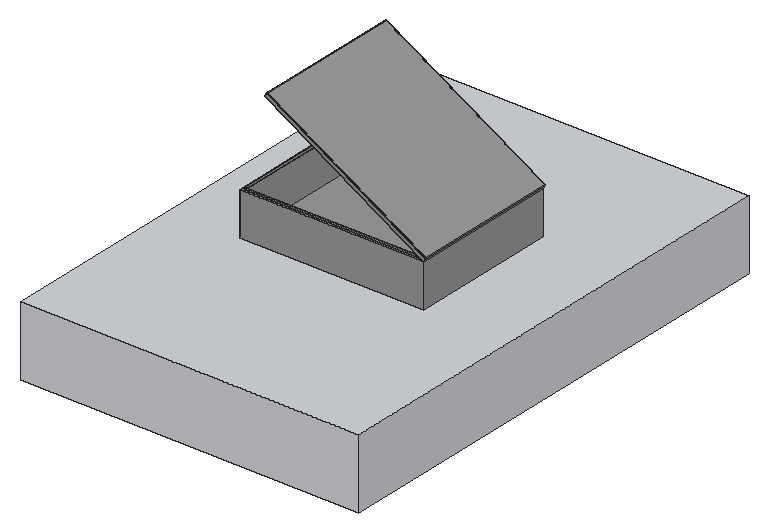
Revit family "Hager-Univers-IP44-D205-H650-Cl.I-encl-DE-de", category Equipement électrique, Revit 2020
Family settings
  Hôte = Face
  Configuration du panneau = Deux colonnes, circuits au sein
  Cote de connecteur circulaire = Utiliser le diamètre
  Type d'élément = Tableau de raccordement
  Couper avec des vides une fois chargée = Non
  Partagée = Non
  Point de calcul de pièce = Non
Parameters (values of type "Aufputz IP44 B800 H650 T205  - FP43TN2")
  Width Control [instance] = if([EF000008 - Breite] > Min Width, [EF000008 - Breite], Min Width)  # 800 mm
  Commentaires du type = [HG000003 - Bereich]  # "Univers"
  Thickness Door [instance] = if([EF009171 - Materialstärke Tür/Deckel] > 3 mm, 3 mm, [EF009171 - Materialstärke Tür/Deckel])  # 1 mm
  Seal Frame Offset [instance] = 17 mm  # constant formula
  Plinth Visibility [instance] = [HG000027 - Sockelhöhe] > 0 mm  # no
  Model = ""
  Min Width [instance] = 100 mm  # constant formula
  Min Height [instance] = 100 mm  # constant formula
  Min Depth [instance] = (2 * [EF009170 - Materialstärke Gehäuse]) + 1 mm  # 3 mm
  Internal Frame Depth [instance] = (Door System Depth * 0.5)  # 9 mm
  Height Control [instance] = if([EF000040 - Höhe] > Min Height, [EF000040 - Höhe], Min Height)  # 650 mm
  HG000027 - Sockelhöhe = 0 mm
  HG000026 - Stehend auf dem Boden = no
  HG000024 - Höhe des unteren Teils = 800 mm
  HG000023 - Gehäuse mit doppeltem Querschnitt = no
  HG000016 - 3D-Türsichtbarkeit [instance] = yes
  HG000015 - Sichtbarkeit der Türöffnung [instance] = no
  HG000014 - Tür rechts [instance] = yes
  HG000013 - Tür links [instance] = not([HG000014 - Tür rechts])  # no
  HG000012 - Türschwenkwinkel [instance] = 30.00°
  HG000010 - Asymmetrische Türen = no
  HG000009 - Doppelflügeligen Tür = no
  HG000006 - Unterputz = no
  HG000004 - Herstellerreferenz = "FP43TN2"
  HG000003 - Bereich = "Univers"
  HG000002 - Mit tür = yes
  Frame Offset Bottom [instance] = 10 mm  # constant formula
  Frame Offset [instance] = 15 mm  # constant formula
  EF015940 - Deckel mit Überdruckentlastung = no
  EF011959 - Schutzart (NEMA) = ""
  EF009554 - Anzahl der Öffnungen für Flanschplatten = 6
  Fabricant = "Hager"  # constant formula
  EF009212 - Ausführung Deckel = "EV000116 - geschlossen"
  EF009171 - Materialstärke Tür/Deckel = 1 mm
  EF009170 - Materialstärke Gehäuse = 1 mm
  EF008873 - Nennstrom (In) = 250 A
  EF007800 - Geeignet für Blitzschutz = no
  EF006306 - Mit Schloss = no
  EF006244 - Transparenter Deckel/Tür = no
  EF005474 - Schutzart (IP) = "EV006418 - IP44"
  EF004464 - Art der Tür = "EV002646 - Einzel"
  EF004427 - Anzahl der Module = 144
  EF004293 - Schlagfestigkeit = "EV006815 - IK09"
  EF003532 - Geeignet für Außengebrauch = no
  EF002950 - Breite in Teilungseinheiten = 36
  EF001613 - Funktionserhalt = "EV000494 - ohne"
  EF001596 - Werkstoff des Gehäuses = "EV000179 - Stahl"
  EF001131 - Innentiefe = 205 mm
  EF001088 - Anbaumöglichkeit = yes
  EF000437 - Anzahl der Leitungseinführungen = 6
  EF000339 - Art der Abdeckung = "EV001012 - Deckel"
  EF000266 - Anzahl der Reihen = 4
  EF000218 - Einbautiefe = 205 mm
  EF000118 - Mit Montageplatte = no
  EF000116 - RAL-Nummer = "9010"
  EF000049 - Tiefe = 205 mm
  EF000040 - Höhe = 650 mm
  EF000008 - Breite = 800 mm
  EF000007 - Farbe = "EV000202 - weiß"
  EF000003 - Montageart = "EV000384 - Aufputz"
  Door System Leaf Tolerance [instance] = 1.5 mm  # constant formula
  Door System Depth [instance] = 18 mm  # constant formula
  Door Height [instance] = Height Control - [HG000027 - Sockelhöhe]  # 650 mm
  Depth Control [instance] = if([EF000049 - Tiefe] > Min Depth, [EF000049 - Tiefe], Min Depth)  # 205 mm
  Default Elevation = 0 mm
  Connector Offset [instance] = Height Control / 2  # 325 mm
  Bottom Top Plate Trim [instance] = 1.5 mm  # constant formula
  Plinth height Ctrl [instance] = if([HG000027 - Sockelhöhe] > 0 mm, [HG000027 - Sockelhöhe], 12 mm)  # 12 mm
Types (9, lengths in mm): name | Width Control | HG000010 - Asymmetrische Türen | HG000009 - Doppelflügeligen Tür | HG000004 - Herstellerreferenz | EF009554 - Anzahl der Öffnungen für Flanschplatten | EF004464 - Art der Tür | EF004427 - Anzahl der Module | EF002950 - Breite in Teilungseinheiten | EF000437 - Anzahl der Leitungseinführungen | EF000008 - Breite
  Aufputz IP44 B1050 H650 T205  - FP44TN2 | 1050 | no | yes | "FP44TN2" | 8 | "EV003602 - Doppel" | 192 | 48 | 8 | 1050
  Aufputz IP44 B1300 H650 T205  - FP45TN | 1300 | no | yes | "FP45TN" | 10 | "EV003602 - Doppel" | 240 | 60 | 10 | 1300
  Aufputz IP44 B1300 H650 T205  - FP45TN2 | 1300 | yes | yes | "FP45TN2" | 10 | "EV003602 - Doppel" | 240 | 60 | 10 | 1300
  Aufputz IP44 B300 H650 T205  - FP41TN | 300 | no | no | "FP41TN" | 2 | "EV002646 - Einzel" | 48 | 12 | 2 | 300
  Aufputz IP44 B300 H650 T205  - FP41TN2 | 300 | no | no | "FP41TN2" | 2 | "EV002646 - Einzel" | 48 | 12 | 2 | 300
  Aufputz IP44 B550 H650 T205  - FP42TN | 550 | no | no | "FP42TN" | 4 | "EV002646 - Einzel" | 96 | 24 | 4 | 550
  Aufputz IP44 B550 H650 T205  - FP42TN2 | 550 | no | no | "FP42TN2" | 4 | "EV002646 - Einzel" | 96 | 24 | 4 | 550
  Aufputz IP44 B800 H650 T205  - FP43TN | 800 | no | no | "FP43TN" | 6 | "EV002646 - Einzel" | 144 | 36 | 6 | 800
  Aufputz IP44 B800 H650 T205  - FP43TN2 | 800 | no | no | "FP43TN2" | 6 | "EV002646 - Einzel" | 144 | 36 | 6 | 800
Reference planes
  plane 1 "Center (Front/Back)": y = 0
  plane 2: z = 0
  plane 3 "Center (Left/Right)": x = 0
  plane 4: z = 205
  plane 5: y = 1
  plane 6: y = 325
  plane 7: y = 0
  plane 8: y = 650
  plane 9: z = 0
  plane 10: x = -385
  plane 11: x = 385
  plane 12: x = 384
  plane 13: x = -384
  plane 14: y = 649
  plane 15: x = -383
  plane 16: x = -400
  plane 17: x = 383
  plane 18: x = 400
  plane 19: x = 399
  plane 20: x = -399
  plane 21: y = 11
  plane 22: y = 650
  plane 23: y = 634
  plane 24: z = 187
  plane 25: z = 1
  plane 26: z = 186
  plane 27: z = 204
Forms (mm)
  Extrusion 1, solid
    sketch origin (0, 0, 0) x (1, 0, 0) y (0, 1, 0)
      loop
        line (-702.964, 1305) -> (-702.964, -811.445) -> (766.763, -811.445) -> (766.763, 1305) -> (-702.964, 1305)
    from 0 to -304.8
  Extrusion 2, solid, material "Hager_Steel_RAL7035_Light_Grey", visible <- "Plinth Visibility", detail levels medium+fine
    sketch origin (0, 0, 0) x (1, 0, 0) y (0, 1, 0)
      loop
        line (-400, 0) -> (400, 0) -> (400, 12) -> (-400, 12) -> (-400, 0)
    from 0 to 187
  Extrusion 3, solid, material "Hager_Steel_RAL7035_Light_Grey", detail levels medium+fine
    sketch origin (0, 0, 0) x (1, 0, 0) y (0, 1, 0)
      loop
        line (-400, 0) -> (400, 0) -> (400, 650) -> (-400, 650) -> (-400, 0)
    from 0 to 187
  Extrusion 4, void
    sketch origin (0, 0, 0) x (1, 0, 0) y (0, 1, 0)
      loop
        line (-399, 1) -> (399, 1) -> (399, 649) -> (-399, 649) -> (-399, 1)
    from 1 to 186
  Extrusion 5, void
    sketch origin (-381.607, -4572, 187) x (0, -1, 0) y (-1, 0, 0)
      loop
        line (-4583, 2.393) -> (-5206, 2.393) -> (-5206, -765.607) -> (-4583, -765.607) -> (-4583, 2.393)
    from 0 to 1 <- "EF009170 - Materialstärke Gehäuse"
  Extrusion 6, solid, material "Hager_Steel_RAL7035_Light_Grey", detail levels fine
    sketch origin (0, 0, 187) x (1, 0, 0) y (0, 1, 0)
      loop
        line (-384, 634) -> (-384, 11) -> (384, 11) -> (384, 634) -> (-384, 634)
      loop
        line (-385, 10) -> (385, 10) -> (385, 635) -> (-385, 635) -> (-385, 10)
    from 0 to 9 <- "Internal Frame Depth"
  Extrusion 7, solid, material "Hager_Steel_RAL7035_Light_Grey", detail levels coarse
    sketch origin (0, 0, 0) x (1, 0, 0) y (0, 1, 0)
      loop
        line (-400, 0) -> (400, 0) -> (400, 650) -> (-400, 650) -> (-400, 0)
    from 0 to 205
  Sweep 8, void
    path in 3D
      loop
        line (-400, 12, 0) -> (400, 12, 0) -> (400, 12, 187) -> (-400, 12, 187) -> (-400, 12, 0)
    profile origin (-400, 12, 93.5) x (-1, 0, 0) y (0, -1, 0)
      loop
        line (0, 0) -> (0, 1.5) -> (-1.5, 1.5)
        arc (-1.5, 1.5) -> (-1.061, 0.439) -> (0, 0) r 1.5
Cuts and joins
  Extrusion 4, Extrusion 5 cuts Extrusion 3
  Sweep 8 cuts Extrusion 2
Lines and regions (mm)
  Masking region 1
    outline origin (0, 0, 0) x (1, 0, 0) y (0, 0, 1)
      loop
        line (-400, 205) -> (-400, 0) -> (400, 0) -> (400, 205) -> (-400, 205)
  Masking region 2, detail levels medium+fine
    outline origin (0, 140, 0) x (0, 1, 0) y (0, 0, 1)
      loop
        line (-140, 0) -> (510, 0) -> (510, 187) -> (-140, 187) -> (-140, 0)
  Masking region 3, not visible, detail levels medium+fine
    outline origin (0, 297.922, 0) x (0, 1, 0) y (0, 0, 1)
      loop
        line (38.578, 0) -> (78.578, 0) -> (78.578, 194)
        arc (78.578, 194) -> (75.649, 201.071) -> (68.578, 204) r 10
        line (68.578, 204) -> (38.578, 204) -> (38.578, 0)
  Masking region 4, detail levels coarse
    outline origin (0, 0, 180) x (0, 1, 0) y (0, 0, 1)
      loop
        line (0, -180) -> (650, -180) -> (650, 25) -> (0, 25) -> (0, -180)
  Masking region 5, visible <- "Plinth Visibility", detail levels medium+fine
    outline origin (0, 52.24, 12.345) x (0, 0, -1) y (0, 1, 0)
      loop
        line (10.845, -40.24) -> (-173.155, -40.24)
        arc (-173.155, -40.24) -> (-173.594, -41.301) -> (-174.655, -41.74) r 1.5
        line (-174.655, -41.74) -> (-174.655, -52.24) -> (12.345, -52.24) -> (12.345, -41.74)
        arc (12.345, -41.74) -> (11.285, -41.301) -> (10.845, -40.24) r 1.5
  Masking region 6, detail levels medium+fine
    outline origin (-381.607, -4572, 187) x (-1, 0, 0) y (0, -1, 0)
      loop
        line (18.393, -5222) -> (18.393, -4572) -> (-781.607, -4572) -> (-781.607, -5222) -> (18.393, -5222)
  Masking region 7, visible <- "Plinth Visibility", detail levels medium+fine
    outline origin (-381.607, -4727, 187) x (-1, 0, 0) y (0, -1, 0)
      loop
        arc (16.893, -4739) -> (17.332, -4737.939) -> (18.393, -4737.5) r 1.5
        line (18.393, -4737.5) -> (18.393, -4727) -> (-781.607, -4727) -> (-781.607, -4737.5)
        arc (-781.607, -4737.5) -> (-780.546, -4737.939) -> (-780.107, -4739) r 1.5
        line (-780.107, -4739) -> (16.893, -4739)
  Masking region 8, detail levels coarse
    outline origin (-442.548, -4669.526, 187) x (-1, 0, 0) y (0, -1, 0)
      loop
        line (-42.548, -5319.526) -> (-42.548, -4669.526) -> (-842.548, -4669.526) -> (-842.548, -5319.526) -> (-42.548, -5319.526)
  sketch lines
    curve 1: line (-400, 12, 187) -> (-400, 12, 0)
    curve 2: line (400, 12, 187) -> (-400, 12, 187)
    curve 3: line (400, 12, 187) -> (400, 12, 0)
    curve 4: line (-400, 12, 0) -> (400, 12, 0)
Dimensions and locks
  "Depth Control": plane 4 to Extrusion 1
  "HG000027 - Sockelhöhe": plane 1 "Center (Front/Back)" to plane 7
  "EF009170 - Materialstärke Gehäuse": plane 5 to plane 7
  locked: connector elem to plane 3 "Center (Left/Right)"
  equal spacing: plane 8, plane 6, plane 7
  locked: connector elem to plane 6
  "EF009170 - Materialstärke Gehäuse": plane 8 to plane 14
  "EF009170 - Materialstärke Gehäuse": plane 10 to plane 13
  "EF009170 - Materialstärke Gehäuse": plane 12 to plane 11
  "Frame Offset": plane 20 to plane 13
  "Frame Offset": plane 12 to plane 19
  "EF009170 - Materialstärke Gehäuse": plane 16 to plane 20
  "EF009170 - Materialstärke Gehäuse": plane 19 to plane 18
  "Seal Frame Offset": plane 16 to plane 15
  "Seal Frame Offset": plane 17 to plane 18
  "Frame Offset Bottom": plane 21 to plane 5
  "Frame Offset": plane 14 to plane 23
  equal spacing: plane 16, plane 3 "Center (Left/Right)", plane 18
  "Width Control": plane 16 to plane 18
  "EF009170 - Materialstärke Gehäuse": plane 4 to plane 27
  "EF009170 - Materialstärke Gehäuse": plane 24 to plane 26
  "EF009170 - Materialstärke Gehäuse": plane 25 to level
  "Door System Depth": plane 4 to plane 24
  "Height Control": plane 1 "Center (Front/Back)" to Extrusion 7 sketch curve
  "Height Control": Masking region 4 sketch curve to plane 1 "Center (Front/Back)"
  "Height Control": plane 1 "Center (Front/Back)" to plane 22
  "Bottom Top Plate Trim": profile plane to Sweep 8 sketch curve
  "Bottom Top Plate Trim": Sweep 8 sketch curve to profile plane
  "Plinth height Ctrl": plane 1 "Center (Front/Back)" to Extrusion 2 sketch curve
  "Plinth height Ctrl": Masking region 5 sketch curve to plane 1 "Center (Front/Back)"
  "Plinth height Ctrl": plane 1 "Center (Front/Back)" to Masking region 7 sketch curve
  "Thickness Door": Extrusion 6 sketch curve to Extrusion 6 sketch curve  (x3)
  "Thickness Door": cut or joined group of Extrusion 3, Extrusion 4, Extrusion 5 to Extrusion 6 sketch curve
  radius of Masking region 3 sketch curve = 10 mm
  "Bottom Top Plate Trim": radius of Masking region 5 sketch curve  (x2)
  "Bottom Top Plate Trim": radius of Sweep 8 sketch curve
  "Bottom Top Plate Trim": radius of Masking region 7 sketch curve  (x2)
  aligned and locked: plane 2 to Extrusion 1
  aligned and locked: level to Extrusion 1
  aligned and locked: level to Masking region 1 sketch curve
  aligned and locked: Masking region 1 sketch curve to plane 18
  aligned and locked: Masking region 1 sketch curve to plane 16
  aligned and locked: plane 7 to Masking region 2 sketch curve
  aligned and locked: level to Masking region 3 sketch curve
  aligned and locked: Masking region 3 sketch curve to plane 27
  aligned and locked: level to Masking region 2 sketch curve
  aligned and locked: plane 1 "Center (Front/Back)" to Extrusion 2 sketch curve
  aligned and locked: Extrusion 3 sketch curve to plane 7
  aligned and locked: plane 16 to Extrusion 3 sketch curve
  aligned and locked: plane 18 to Extrusion 3 sketch curve
  aligned and locked: plane 20 to Extrusion 4 sketch curve
  aligned and locked: plane 19 to Extrusion 4 sketch curve
  aligned and locked: Extrusion 4 sketch curve to plane 5
  aligned and locked: Extrusion 4 to plane 25
  aligned and locked: plane 26 to Extrusion 4
  aligned and locked: plane 24 to Extrusion 3
  aligned and locked: Extrusion 5 sketch curve to plane 21
  aligned and locked: Extrusion 5 sketch curve to plane 13
  aligned and locked: Extrusion 5 sketch curve to plane 12
  aligned and locked: plane 18 to Extrusion 7 sketch curve
  aligned and locked: plane 1 "Center (Front/Back)" to Extrusion 7 sketch curve
  aligned and locked: plane 16 to Extrusion 7 sketch curve
  aligned and locked: plane 4 to Extrusion 7
  aligned and locked: Extrusion 7 to level
  aligned and locked: level to Masking region 4 sketch curve
  aligned and locked: Masking region 4 sketch curve to plane 1 "Center (Front/Back)"
  aligned and locked: Masking region 4 sketch curve to plane 4
  aligned and locked: nested 1 to level
  aligned and locked: nested 1 to plane 16
  aligned and locked: plane 8 to Extrusion 3 sketch curve
  aligned and locked: plane 23 to Extrusion 5 sketch curve
  aligned and locked: plane 14 to Extrusion 4 sketch curve
  aligned and locked: Masking region 2 sketch curve to plane 8
  aligned and locked: level to Masking region 5 sketch curve
  aligned and locked: plane 16 to Extrusion 2 sketch curve
  aligned and locked: plane 18 to Extrusion 2 sketch curve
  aligned and locked: Masking region 5 sketch curve to plane 24
  aligned and locked: Masking region 2 sketch curve to plane 24
  aligned and locked: plane 24 to Extrusion 2
  aligned and locked: profile plane to Sweep 8 sketch curve  (x2)
  aligned and locked: Masking region 6 sketch curve to plane 18
  aligned and locked: Masking region 6 sketch curve to plane 22
  aligned and locked: Masking region 6 sketch curve to plane 16
  aligned and locked: plane 8 to plane 22
  aligned and locked: Masking region 6 sketch curve to plane 7
  aligned and locked: Masking region 7 sketch curve to plane 16
  aligned and locked: Masking region 7 sketch curve to plane 1 "Center (Front/Back)"
  aligned and locked: Masking region 7 sketch curve to plane 18
  aligned and locked: Masking region 8 sketch curve to plane 1 "Center (Front/Back)"
  aligned and locked: Masking region 8 sketch curve to plane 18
  aligned and locked: Masking region 8 sketch curve to plane 22
  aligned and locked: Masking region 8 sketch curve to plane 16
  aligned and locked: nested 2 to plane 7
  aligned and locked: plane 3 "Center (Left/Right)" to nested 2
  aligned and locked: nested 2 to plane 24
  aligned and locked: Extrusion 6 sketch curve to cut or joined group of Extrusion 3, Extrusion 4, Extrusion 5  (x4)
Automatic sketch dimensions
  Extrusion 1 sketch curve to Extrusion 1 sketch curve = 1469.727 mm
  Extrusion 1 sketch curve to Extrusion 1 sketch curve = 2116.445 mm
  Masking region 1 sketch curve to plane 4 = 0 mm
  plane 6 to Masking region 3 sketch curve = 11.5 mm
  Masking region 3 sketch curve to Masking region 3 sketch curve = 30 mm
  Masking region 5 sketch curve to plane 1 "Center (Front/Back)" = 0 mm
Nested families
  nested 1: "Hager_Enclosure_Symbol" at (-400, 0, 0) x (1, 0, 0) z (0, -1, 0), Height <- "Depth Control", Width <- "Width Control", type "Hager_Enclosure_Symbol"
    with Width_Ctrl 800 mm, Width 800 mm, Height_Ctrl 205 mm, Height 205 mm, A_Width_Int 13.453 mm, A_Width 161.438 mm, A_Height_Ctrl 179.375 mm, A_Height 179.375 mm
  nested 2: "EC000058_Univers_Door" at (0, 0, 187) x (1, 0, 0) z (0, 1, 0), Leaf_Tolerance <- "Door System Leaf Tolerance", Angle <- "HG000012 - Türschwenkwinkel", Door_Depth <- "Door System Depth", Door_Left <- "HG000013 - Tür links", Transparent <- "EF006244 - Transparenter Deckel/Tür", Assymetrical <- "HG000010 - Asymmetrische Türen", Width <- "Width Control", Clearance <- "HG000015 - Sichtbarkeit der Türöffnung", Double <- "HG000009 - Doppelflügeligen Tür", 3d_Door <- "HG000016 - 3D-Türsichtbarkeit", Lock_Visibility <- "EF006306 - Mit Schloss", Width_Ctrl <- "Width Control", Door_Right <- "HG000014 - Tür rechts", Door <- "HG000002 - Mit tür", Height <- "Door Height", Thickness <- "Thickness Door", type "EC000058_Univers_Door", detail levels medium+fine
    with min_wh 3 mm, Width_Ctrl 800 mm, Width 800 mm, Transparent no, Thickness 1 mm, Seal_Material Hager_Rubber, Lock_Visibility no, Lock_Material Hager_Plastic_RAL9005_Jet_Black, Leaf_Width 800 mm, Leaf_Tolerance_External_Sides 0 mm, Leaf_Tolerance 1.5 mm, Leaf_Offset 0 mm, Leaf_Height 647 mm, Leaf_2_Width 800 mm, Leaf_2_Offset 400 mm, Leaf_1_Width 800 mm, Leaf_1_Offset 400 mm, Height_Ctrl 650 mm, Height 650 mm, Glass_Material Hager_Glass, Double_Clearance_Ctrl no, Double no, Door_Right_Ctrl yes, Door_Right yes, Door_Material Hager_Steel_RAL7035_Light_Grey, Door_Left_Ctrl no, Door_Left no, Door_Depth 18 mm, Door yes, Clearance_Material Hager_Clearance, Clearance_Depth 800 mm, Clearance_Ctrl no, Clearance no, Assymetrical no, Angle 30.00°, 3d_Door yes
Connectors
  electrical at (0, 325, 0)
    settings: on plane 9, index 1, voltage 0 V, apparent load 0 VA, apparent load phase1 0 VA, apparent load phase2 0 VA, apparent load phase3 0 VA, power factor 1, load classification "Other", number of poles 1, system type 30, power factor state 1, is connector primary yes, connector utility no, sub classification motor no, connector description ""
Definition of nested family "EC000058_Univers_Door"
  Parameters (values of type "EC000058_Univers_Door")
    min_wh [instance] = (2 * Thickness) + 1 mm  # 11 mm
    Width_Ctrl [instance] = 400 mm
    Width [instance] = 500 mm
    Transparent [instance] = yes
    Thickness [instance] = 5 mm
    Seal_Material [instance] = none
    Lock_Visibility [instance] = yes
    Lock_Material [instance] = none
    Leaf_Width [instance] = if((Width_Ctrl - 2 * Leaf_Tolerance_External_Sides) > 0 mm, (Width_Ctrl - 2 * Leaf_Tolerance_External_Sides), min_wh)  # 400 mm
    Leaf_Tolerance_External_Sides [instance] = 0 mm  # constant formula
    Leaf_Tolerance [instance] = 1.5 mm
    Leaf_Offset [instance] = 0 mm  # constant formula
    Leaf_Height [instance] = if((Height_Ctrl - 2 * Leaf_Tolerance) > 0 mm, (Height_Ctrl - 2 * Leaf_Tolerance), min_wh)  # 497 mm
    Leaf_2_Width [instance] = if(and(and(Double, Assymetrical), Door_Left), (Leaf_Width / 3) - (Leaf_Tolerance / 2), if(and(and(Double, Assymetrical), Door_Right), (Leaf_Width / 3) * 2 - (Leaf_Tolerance / 2), if(and(Double, not(Assymetrical)), (Leaf_Width / 2) - Leaf_Tolerance, Leaf_Width)))  # 400 mm
    Leaf_2_Offset [instance] = if(and(Double, Assymetrical), Leaf_2_Width / 2, if(and(Double, not(Assymetrical)), Leaf_Width / 4, Leaf_Width / 2))  # 200 mm
    Leaf_1_Width [instance] = if(and(and(Double, Assymetrical), Door_Right), (Leaf_Width / 3) - (Leaf_Tolerance / 2), if(and(and(Double, Assymetrical), Door_Left), (Width / 3) * 2 - (Leaf_Tolerance / 2), if(and(Double, not(Assymetrical)), (Leaf_Width / 2) - Leaf_Tolerance, Leaf_Width)))  # 400 mm
    Leaf_1_Offset [instance] = if(and(Double, Assymetrical), Leaf_1_Width / 2, if(and(Double, not(Assymetrical)), Leaf_Width / 4, Leaf_Width / 2))  # 200 mm
    Height_Ctrl [instance] = if(Height > min_wh, Height, min_wh)  # 500 mm
    Height [instance] = 500 mm
    Glass_Material [instance] = none
    Double_Clearance_Ctrl [instance] = and(Double, Clearance)  # no
    Double [instance] = no
    Door_Right_Ctrl [instance] = and(or(Door_Right, Double), Door)  # yes
    Door_Right [instance] = yes
    Door_Material [instance] = none
    Door_Left_Ctrl [instance] = and(or(Door_Left, Double), Door)  # no
    Door_Left [instance] = no
    Door_Depth [instance] = 30 mm
    Door [instance] = yes
    Default Elevation = 1219.2 mm
    Clearance_Material [instance] = none
    Clearance_Depth [instance] = if(Leaf_1_Width > Leaf_2_Width, Leaf_1_Width, Leaf_2_Width)  # 400 mm
    Clearance_Ctrl [instance] = and(not(Double), Clearance)  # yes
    Clearance [instance] = yes
    Assymetrical [instance] = yes
    Angle [instance] = 30.00°
    3d_Door [instance] = yes
  Reference planes
    plane 1 "Center (Front/Back)": y = 0
    plane 2 "Bottom": z = 0
    plane 3 "Center (Left/Right)": x = 0
    plane 4: z = 500
    plane 5: x = -200
    plane 6: x = 200
    plane 7: z = 500
    plane 8: x = -200
    plane 9: z = 0
    plane 10: x = 200
    plane 11: y = 0
    plane 12: z = 1.5
    plane 13: x = -600
    plane 14: y = -400
    plane 15: x = 600
    plane 16: x = 0
    plane 17: x = 0
    plane 18: x = -200
    plane 19: x = 200
    plane 20: z = 498.5
  Forms (mm)
    Extrusion 1, solid, material <- "Clearance_Material", visible <- "Double_Clearance_Ctrl"
      sketch origin (1200, 0, 0) x (1, 0, 0) y (0, 0, -1)
        loop
          line (-1800, -498.5) -> (-600, -498.5) -> (-600, 0) -> (-1800, 0) -> (-1800, -498.5)
      from 0 to -400
  Dimensions and locks
    equal spacing: plane 5, plane 3 "Center (Left/Right)", plane 6
    "Width_Ctrl": plane 5 to plane 6
    "Leaf_Offset": plane 5 to plane 8
    "Leaf_Offset": plane 6 to plane 10
    "Leaf_Offset": plane 9 to level
    "Leaf_Offset": plane 4 to plane 7
    "Height_Ctrl": plane 4 to level
    "Leaf_Tolerance": plane 12 to plane 9
    locked: plane 11 to plane 1 "Center (Front/Back)"
    "Leaf_1_Offset": plane 18 to plane 16
    "Leaf_2_Offset": plane 17 to plane 19
    "Leaf_1_Width": plane 13 to plane 8
    "Leaf_2_Width": plane 10 to plane 15
    "Clearance_Depth": plane 14 to plane 1 "Center (Front/Back)"
    "Leaf_Tolerance_External_Sides": plane 8 to plane 18
    "Leaf_Tolerance_External_Sides": plane 19 to plane 10
    "Leaf_Tolerance": plane 7 to plane 20
    aligned and locked: level to plane 2 "Bottom"
    aligned and locked: nested 1 to plane 16
    aligned and locked: nested 2 to plane 17
    aligned and locked: Extrusion 1 to plane 13
    aligned and locked: plane 15 to Extrusion 1
    aligned and locked: Extrusion 1 to plane 14
    aligned and locked: plane 12 to nested 1
    aligned and locked: nested 2 to plane 12
    aligned and locked: Extrusion 1 to plane 11
    aligned and locked: plane 20 to Extrusion 1
    aligned and locked: nested 2 to plane 11
    aligned and locked: nested 1 to plane 11
  Automatic sketch dimensions
    Extrusion 1 sketch curve to level = 0 mm
    plane 5 to Extrusion 1 sketch curve = 400 mm
    plane 6 to Extrusion 1 sketch curve = 400 mm
    Extrusion 1 sketch curve to plane 4 = 1.5 mm
  Nested families
    nested 1: "EC000058_Univers_Door_Leaf" at (0, 0, 1.5), Width <- "Leaf_1_Width", visible <- "Door_Left_Ctrl", Leaf_Height <- "Leaf_Height", Angle <- "Angle", 3d_Door <- "3d_Door", Transparent <- "Transparent", Clearance Material <- "Clearance_Material", Clearance <- "Clearance_Ctrl", Door_Material <- "Door_Material", Glass_Material <- "Glass_Material", Door_Depth <- "Door_Depth", Lock_Material <- "Lock_Material", Seal_Material <- "Seal_Material", Lock_Visibility <- "Lock_Visibility", Thickness <- "Thickness", type "EC000058_Univers_Door_Leaf"
      with Width 400 mm, Transparent_Glass_Offset 30 mm, Transparent_Ctrl yes, Transparent yes, Thickness 5 mm, Standard no, Seal_Material none, Seal_D2 8 mm, Seal_D1 1 mm, Offset_Internal_Frame 10 mm, Lock_Width 20 mm, Lock_Visibility_3d yes, Lock_Visibility yes, Lock_Thickness_3 3 mm, Lock_Thickness_2 1 mm, Lock_Thickness_1 3 mm, Lock_Radius_Offset_2 16 mm, Lock_Radius_Offset_1 15 mm, Lock_Radius_2 5 mm, Lock_Radius 6 mm, Lock_Offset 5 mm, Lock_Material none, Lock_Height 80 mm, Lock_Cover_Top_Offset_2d 17 mm, Lock_Cover_Height -65 mm, Leaf_Height 497 mm, Internal_Seal_Thickness 8 mm, Internal_Seal_Depth_2 4.5 mm, Internal_Frame_Depth 25 mm, Glass_Thickness -1 mm, Glass_Offset -2 mm, Glass_Material none, Door_Material none, Door_Depth 30 mm, Clearance Material none, Clearance yes, Angle_Ctrl 30.00°, Angle 30.00°, 3d_Door yes
    nested 2: "EC000058_Univers_Door_Leaf" at (0, 0, 1.5) x (-1, 0, 0) z (0, 0, 1), Width <- "Leaf_2_Width", visible <- "Door_Right_Ctrl", Leaf_Height <- "Leaf_Height", Angle <- "Angle", 3d_Door <- "3d_Door", Transparent <- "Transparent", Clearance Material <- "Clearance_Material", Clearance <- "Clearance_Ctrl", Door_Material <- "Door_Material", Glass_Material <- "Glass_Material", Door_Depth <- "Door_Depth", Lock_Material <- "Lock_Material", Seal_Material <- "Seal_Material", Lock_Visibility <- "Lock_Visibility", Thickness <- "Thickness", type "EC000058_Univers_Door_Leaf"
      with Width 400 mm, Transparent_Glass_Offset 30 mm, Transparent_Ctrl yes, Transparent yes, Thickness 5 mm, Standard no, Seal_Material none, Seal_D2 8 mm, Seal_D1 1 mm, Offset_Internal_Frame 10 mm, Lock_Width 20 mm, Lock_Visibility_3d yes, Lock_Visibility yes, Lock_Thickness_3 3 mm, Lock_Thickness_2 1 mm, Lock_Thickness_1 3 mm, Lock_Radius_Offset_2 16 mm, Lock_Radius_Offset_1 15 mm, Lock_Radius_2 5 mm, Lock_Radius 6 mm, Lock_Offset 5 mm, Lock_Material none, Lock_Height 80 mm, Lock_Cover_Top_Offset_2d 17 mm, Lock_Cover_Height -65 mm, Leaf_Height 497 mm, Internal_Seal_Thickness 8 mm, Internal_Seal_Depth_2 4.5 mm, Internal_Frame_Depth 25 mm, Glass_Thickness -1 mm, Glass_Offset -2 mm, Glass_Material none, Door_Material none, Door_Depth 30 mm, Clearance Material none, Clearance yes, Angle_Ctrl 30.00°, Angle 30.00°, 3d_Door yes
  Definition of nested family "EC000058_Univers_Door_Leaf"
    Parameters (values of type "EC000058_Univers_Door_Leaf")
      Width [instance] = 2000 mm
      Transparent_Glass_Offset [instance] = 30 mm
      Transparent_Ctrl [instance] = and(Transparent, [3d_Door])  # yes
      Transparent [instance] = yes
      Thickness [instance] = 5 mm
      Standard [instance] = and(not(Transparent), [3d_Door])  # no
      Seal_Material [instance] = none
      Seal_D2 [instance] = 8 mm  # constant formula
      Seal_D1 [instance] = 1 mm  # constant formula
      Offset_Internal_Frame [instance] = 10 mm  # constant formula
      Lock_Width [instance] = 20 mm  # constant formula
      Lock_Visibility_3d [instance] = and(Lock_Visibility, [3d_Door])  # yes
      Lock_Visibility [instance] = yes
      Lock_Thickness_3 [instance] = 3 mm  # constant formula
      Lock_Thickness_2 [instance] = 1 mm  # constant formula
      Lock_Thickness_1 [instance] = 3 mm  # constant formula
      Lock_Radius_Offset_2 [instance] = Lock_Radius_Offset_1 + 1 mm  # 16 mm
      Lock_Radius_Offset_1 [instance] = 15 mm  # constant formula
      Lock_Radius_2 [instance] = Lock_Radius - 1 mm  # 5 mm
      Lock_Radius [instance] = 6 mm  # constant formula
      Lock_Offset [instance] = 5 mm  # constant formula
      Lock_Material [instance] = none
      Lock_Height [instance] = 80 mm  # constant formula
      Lock_Cover_Top_Offset_2d [instance] = Lock_Radius_Offset_2 + 1 mm  # 17 mm
      Lock_Cover_Height [instance] = -(Lock_Height - Lock_Radius_Offset_1)  # -65 mm
      Leaf_Height [instance] = 2720.336 mm
      Internal_Seal_Thickness [instance] = 8 mm  # constant formula
      Internal_Seal_Depth_2 [instance] = 4.5 mm  # constant formula
      Internal_Frame_Depth [instance] = if(Door_Depth - Thickness > 5 mm, Door_Depth - Thickness, 5 mm)  # 25 mm
      Glass_Thickness [instance] = if(Thickness > 15 mm, Glass_Offset + 10 mm, -1 mm)  # -1 mm
      Glass_Offset [instance] = if(Thickness > 15 mm, -(Thickness + 10 mm) / 2, -2 mm)  # -2 mm
      Glass_Material [instance] = none
      Door_Material [instance] = none
      Door_Depth [instance] = 30 mm
      Default Elevation = 0 mm
      Clearance Material [instance] = none
      Clearance [instance] = yes
      Angle_Ctrl [instance] = if(Angle > 180.00°, 180.00°, Angle)  # 90.00°
      Angle [instance] = 90.00°
      3d_Door [instance] = yes
    Reference planes
      plane 1 "Center (Front/Back)": y = 0
      plane 2: z = 0
      plane 3 "Center (Left/Right)": x = 0
      plane 4: y = 2000
      plane 5: x = -1000
      plane 6: x = 1000
      plane 7: x = -3000
      plane 8: z = 2720.336
      plane 9: z = 30
      plane 10: z = 2690.336
      plane 11: x = 970
      plane 12: x = -970
      plane 13: y = -3
      plane 14: z = 107.833
      plane 15: y = -5
      plane 16: y = -223.314
      plane 17: x = -1000
      plane 18: z = 1360.168
      plane 19: y = 30
    Forms (mm)
      Extrusion 1, solid, material <- "Clearance Material", visible <- "Clearance"
        sketch origin (0, 0, 0) x (1, 0, 0) y (0, 0, 1)
          loop
            line (-3000, 2720.336) -> (-3000, 0) -> (1000, 0) -> (1000, 2720.336) -> (-3000, 2720.336)
        from 0 to -2000
      Extrusion 2, solid, material <- "Door_Material", visible <- "Standard", detail levels medium+fine
        sketch origin (-1000, 0, 0) x (0, 1, 0) y (-1, 0, 0)
          loop
            line (0, 30) -> (0, 25) -> (2000, 25) -> (2000, 30) -> (0, 30)
        from 0 to 2720.336 <- "Leaf_Height"
      Extrusion 3, solid, material <- "Door_Material", visible <- "Transparent_Ctrl", detail levels medium+fine
        sketch origin (-1000, 0, 0) x (0, 1, 0) y (-1, 0, 0)
          loop
            line (0, 25) -> (2000, 25) -> (2000, 30) -> (0, 30) -> (0, 25)
        from 0 to 2720.336 <- "Leaf_Height"
      Extrusion 4, void
        sketch origin (-1025, 2000, 0) x (0, 1, 0) y (0, 0, -1)
          loop
            line (-30, -2690.336) -> (-30, -30) -> (-1970, -30) -> (-1970, -2690.336) -> (-30, -2690.336)
        from 0 to 5 <- "Thickness"
      Sweep 5, solid, material <- "Seal_Material", visible <- "Transparent_Ctrl", detail levels fine
        path in 3D
          loop
            line (-1025, 30, 30) -> (-1025, 30, 2690.336) -> (-1025, 1970, 2690.336) -> (-1025, 1970, 30) -> (-1025, 30, 30)
        profile origin (-1025, 1000, 30) x (1, 0, 0) y (0, 0, 1)
          loop
            line (0, 0) -> (0, -8) -> (1, -8) -> (1, 0) -> (0, 0)
      Extrusion 6, solid, material <- "Glass_Material", visible <- "Transparent_Ctrl", detail levels medium+fine
        sketch origin (-1030, 0, 0) x (0, 1, 0) y (0, 0, -1)
          loop
            line (1970, -2690.336) -> (1970, -30) -> (30, -30) -> (30, -2690.336) -> (1970, -2690.336)
        from -2 <- "Glass_Offset" to -1 <- "Glass_Thickness"
      Extrusion 7, solid, material <- "Door_Material", visible <- "3d_Door", detail levels medium+fine
        sketch origin (-1025, 2000, 0) x (0, -1, 0) y (0, 0, -1)
          loop
            line (0, -2720.336) -> (2000, -2720.336) -> (2000, 0) -> (0, 0) -> (0, -2720.336)
          loop
            line (1995, -5) -> (5, -5) -> (5, -2715.336) -> (1995, -2715.336) -> (1995, -5)
        from 0 to 25 <- "Internal_Frame_Depth"
      Sweep 8, solid, material <- "Seal_Material", visible <- "Transparent_Ctrl", detail levels fine
        path in 3D
          loop
            line (-1025, 0, 0) -> (-1025, 2000, 0) -> (-1025, 2000, 2720.336) -> (-1025, 0, 2720.336) -> (-1025, 0, 0)
        profile origin (-1025, 0, 1360.168) x (1, 0, 0) y (0, 1, 0)
          loop
            line (0, 10) -> (2.975, 10)
            arc (2.975, 10) -> (4.053, 10.447) -> (4.5, 11.525) r 1.525
            line (4.5, 11.525) -> (4.5, 16.527)
            arc (4.5, 16.527) -> (4.069, 17.569) -> (3.027, 18) r 1.473
            line (3.027, 18) -> (0, 18) -> (0, 10)
      Extrusion 9, solid, material <- "Lock_Material", visible <- "Lock_Visibility_3d", detail levels fine
        sketch origin (-1030, 0, 0) x (0, 1, 0) y (0, 0, -1)
          loop
            arc (1993.5, -1400.168) -> (1994.561, -1399.729) -> (1995, -1398.668) r 1.5
            line (1995, -1398.668) -> (1995, -1320.168) -> (1975, -1320.168) -> (1975, -1398.668)
            arc (1975, -1398.668) -> (1975.439, -1399.729) -> (1976.5, -1400.168) r 1.5
            line (1976.5, -1400.168) -> (1993.5, -1400.168)
        from 3 <- "Lock_Thickness_1" to 0
      Blend 10, solid, material <- "Lock_Material", visible <- "Lock_Visibility_3d", detail levels fine
        base sketch origin (-1033, 0, 0) x (0, 1, 0) y (0, 0, -1)
          loop
            line (1975, -1320.168) -> (1975, -1398.668)
            arc (1975, -1398.668) -> (1975.439, -1399.729) -> (1976.5, -1400.168) r 1.5
            line (1976.5, -1400.168) -> (1993.5, -1400.168)
            arc (1993.5, -1400.168) -> (1994.561, -1399.729) -> (1995, -1398.668) r 1.5
            line (1995, -1398.668) -> (1995, -1320.168) -> (1975, -1320.168)
        top sketch origin (-1033, 0, 0) x (0, 1, 0) y (0, 0, -1)
          loop
            line (1976, -1320.168) -> (1976, -1398.668)
            arc (1976, -1398.668) -> (1976.146, -1399.022) -> (1976.5, -1399.168) r 0.5
            line (1976.5, -1399.168) -> (1993.5, -1399.168)
            arc (1993.5, -1399.168) -> (1993.854, -1399.022) -> (1994, -1398.668) r 0.5
            line (1994, -1398.668) -> (1994, -1320.168) -> (1976, -1320.168)
        from 0 to 1 <- "Lock_Thickness_2"
      Blend 11, solid, material <- "Lock_Material", visible <- "Lock_Visibility_3d", detail levels fine
        base sketch origin (-1034, 0, 0) x (0, 1, 0) y (0, 0, -1)
          loop
            line (1978, -1320.168) -> (1978, -1384.168)
            arc (1978, -1384.168) -> (1985, -1391.168) -> (1992, -1384.168) r 7
            line (1992, -1384.168) -> (1992, -1320.168) -> (1978, -1320.168)
        top sketch origin (-1034, 0, 0) x (0, 1, 0) y (0, 0, -1)
          loop
            line (1991, -1320.168) -> (1979, -1320.168) -> (1979, -1383.168)
            arc (1979, -1383.168) -> (1985, -1389.168) -> (1991, -1383.168) r 6
            line (1991, -1383.168) -> (1991, -1320.168)
        from 0 to 3 <- "Lock_Thickness_3"
      Extrusion 12, solid, material <- "Lock_Material", visible <- "Lock_Visibility_3d", detail levels fine
        sketch origin (-1030, 1975, 1320.168) x (1, 0, 0) y (0, -1, 0)
          loop
            line (-7, -19) -> (-7, -1) -> (0, -1) -> (0, 0) -> (-8, 0) -> (-8, -20) -> (0, -20) -> (0, -19) -> (-7, -19)
        from 0 to -65 <- "Lock_Cover_Height"
      Extrusion 13, void
        sketch origin (-1038, 1995, 1320.168) x (-1, 0, 0) y (0, 0, -1)
          loop
            line (-5, -65) -> (0, -65) -> (-5, -60) -> (-5, -65)
        from 0 to 20 <- "Lock_Width"
      Extrusion 14, void
        sketch origin (-1038, 1975, 1320.168) x (0, -1, 0) y (0, 0, -1)
          loop
            circle (-10, -15.995) r 6
          loop
            circle (-10, -15.995) r 5
        from 0 to 2
      Extrusion 15, solid, material <- "Lock_Material", visible <- "Lock_Visibility_3d", detail levels medium
        sketch origin (-1030, 0, 0) x (0, 1, 0) y (0, 0, -1)
          loop
            arc (1993.5, -1400.168) -> (1994.561, -1399.729) -> (1995, -1398.668) r 1.5
            line (1995, -1398.668) -> (1995, -1320.168) -> (1975, -1320.168) -> (1975, -1398.668)
            arc (1975, -1398.668) -> (1975.439, -1399.729) -> (1976.5, -1400.168) r 1.5
            line (1976.5, -1400.168) -> (1993.5, -1400.168)
        from 8 to 0
    Cuts and joins
      Extrusion 4 cuts Extrusion 3
      Extrusion 13, Extrusion 14 cuts Extrusion 9
      Extrusion 14 cuts Blend 11
      Extrusion 13, Extrusion 14 cuts Extrusion 12
      joined: Extrusion 9, Blend 10, Blend 11, Extrusion 12
      Extrusion 14 cuts Extrusion 15
    Lines and regions (mm)
      Masking region 1, visible <- "Lock_Visibility", detail levels fine
        outline origin (0, 0, 0) x (0, 1, 0) y (0, 0, 1)
          loop
            line (30, 1320.168) -> (33, 1320.168) -> (33, 1400.168) -> (30, 1400.168) -> (30, 1320.168)
      Masking region 2, visible <- "Lock_Visibility", detail levels fine
        outline origin (0, 3.143, 0) x (0, 1, 0) y (0, 0, 1)
          loop
            line (29.857, 1354.168) -> (30.857, 1354.168) -> (30.857, 1366.168) -> (29.857, 1366.168) -> (29.857, 1354.168)
      Masking region 3, detail levels medium+fine
        outline origin (0, 0, 0) x (0, 1, 0) y (0, 0, 1)
          loop
            line (0, 0) -> (30, 0) -> (30, 2720.336) -> (0, 2720.336) -> (0, 0)
      Masking region 4, detail levels medium+fine
        outline origin (0, 0, 0) x (1, 0, 0) y (0, 0, 1)
          loop
            line (-1000, 2720.336) -> (-1000, 0) -> (1000, 0) -> (1000, 2720.336) -> (-1000, 2720.336)
      Masking region 5, visible <- "Lock_Visibility", detail levels fine
        outline origin (-47.116, 0, 0) x (1, 0, 0) y (0, 0, 1)
          loop
            arc (1024.616, 1399.168) -> (1023.556, 1398.729) -> (1023.116, 1397.668) r 1.5
            line (1023.116, 1397.668) -> (1023.116, 1320.168) -> (1041.116, 1320.168) -> (1041.116, 1397.668)
            arc (1041.116, 1397.668) -> (1040.677, 1398.729) -> (1039.616, 1399.168) r 1.5
            line (1039.616, 1399.168) -> (1024.616, 1399.168)
      Masking region 6, visible <- "Lock_Visibility", detail levels medium+fine
        outline origin (-25, 0, 0) x (1, 0, 0) y (0, 0, 1)
          loop
            arc (1001.5, 1400.168) -> (1000.439, 1399.729) -> (1000, 1398.668) r 1.5
            line (1000, 1398.668) -> (1000, 1320.168) -> (1020, 1320.168) -> (1020, 1398.668)
            arc (1020, 1398.668) -> (1019.561, 1399.729) -> (1018.5, 1400.168) r 1.5
            line (1018.5, 1400.168) -> (1001.5, 1400.168)
      Masking region 7, visible <- "Lock_Visibility", detail levels fine
        outline origin (-73.735, 0, 0) x (1, 0, 0) y (0, 0, 1)
          loop
            line (1051.735, 1382.168) -> (1065.735, 1382.168) -> (1065.735, 1384.168)
            arc (1065.735, 1384.168) -> (1058.735, 1391.168) -> (1051.735, 1384.168) r 7
            line (1051.735, 1384.168) -> (1051.735, 1382.168)
      Masking region 8, visible <- "Lock_Visibility", detail levels fine
        outline origin (-73.735, 0, 0) x (1, 0, 0) y (0, 0, 1)
          loop
            line (1052.735, 1382.168) -> (1064.735, 1382.168) -> (1064.735, 1383.168)
            arc (1064.735, 1383.168) -> (1058.735, 1389.168) -> (1052.735, 1383.168) r 6
            line (1052.735, 1383.168) -> (1052.735, 1382.168)
      Masking region 9, visible <- "Lock_Visibility", detail levels fine
        outline origin (-25, 0, 0) x (1, 0, 0) y (0, 0, 1)
          loop
            line (1020, 1320.168) -> (1020, 1382.168) -> (1000, 1382.168) -> (1000, 1320.168) -> (1020, 1320.168)
      Masking region 10, detail levels medium+fine
        outline origin (0, 0, 0) x (1, 0, 0) y (0, 0, 1)
          loop
            circle (985, 1335.144) r 6
      Masking region 11, detail levels fine
        outline origin (0, 0, 0) x (1, 0, 0) y (0, 0, 1)
          loop
            circle (985, 1335.144) r 5
      Masking region 12, visible <- "Lock_Visibility", detail levels fine
        outline origin (0, 12.767, 0) x (0, 1, 0) y (0, 0, 1)
          loop
            line (20.233, 1320.168) -> (21.233, 1320.168) -> (21.233, 1399.168) -> (20.233, 1400.168) -> (20.233, 1320.168)
      Masking region 13, visible <- "Lock_Visibility", detail levels fine
        outline origin (0, 13.767, -10) x (0, 1, 0) y (0, 0, 1)
          loop
            line (20.233, 1330.168) -> (23.233, 1330.168) -> (23.233, 1399.168) -> (20.233, 1402.168) -> (20.233, 1330.168)
      Masking region 14, visible <- "Lock_Visibility", detail levels fine
        outline origin (0, 12.767, -10) x (0, 1, 0) y (0, 0, 1)
          loop
            line (20.233, 1330.168) -> (25.233, 1330.168) -> (25.233, 1399.305) -> (20.233, 1394.305) -> (20.233, 1330.168)
      Masking region 15, visible <- "Lock_Visibility", detail levels medium
        outline origin (0, 0, 0) x (0, 1, 0) y (0, 0, 1)
          loop
            line (30, 1320.168) -> (38, 1320.168) -> (38, 1400.168) -> (30, 1400.168) -> (30, 1320.168)
      Masking region 16, visible <- "Lock_Visibility", detail levels fine
        outline origin (-1000, 0, 0) x (0, 1, 0) y (-1, 0, 0)
          loop
            line (1975, 30) -> (1995, 30) -> (1995, 38) -> (1975, 38) -> (1975, 30)
          loop
            line (1979, 37) -> (1976, 37) -> (1976, 34) -> (1978, 34) -> (1979, 37)
          loop
            line (1994, 37) -> (1991, 37) -> (1992, 34) -> (1994, 34) -> (1994, 37)
      Masking region 17, visible <- "Lock_Visibility", detail levels medium
        outline origin (-1000, 0, 0) x (0, 1, 0) y (-1, 0, 0)
          loop
            line (1975, 30) -> (1995, 30) -> (1995, 38) -> (1975, 38) -> (1975, 30)
      symbolic lines
        curve 1: line (1000, 0, 0) -> (-3000, 0, 0)
        curve 2: arc (1000, 0, 0) -> (-1000, 2000, 0) -> (-3000, 0, 0) r 2000
        curve 4: line (-1030, 0, 0) -> (-1030, 2000, 0)
      reference lines
        curve 3: line (-1000, 0, 0) -> (-1000, 2000, 0)
      symbolic lines, detail levels medium+fine
        curve 5: line (-1030, 2000, 0) -> (-1025, 2000, 0)
        curve 7: line (-1025, 0, 0) -> (-1030, 0, 0)
        curve 8: line (-1025, 0, 0) -> (-1000, 0, 0)
        curve 9: line (-1000, 0, 0) -> (-1000, 2000, 0)
        curve 10: line (-1000, 2000, 0) -> (-1025, 2000, 0)
      symbolic lines, detail levels fine
        curve 6: line (-1025, 2000, 0) -> (-1025, 0, 0)
      sketch lines
        curve 11: line (-1025, 0, 2720.336) -> (-1025, 0, 0)
        curve 12: line (-1025, 2000, 0) -> (-1025, 0, 0)
        curve 13: line (-1025, 2000, 2720.336) -> (-1025, 2000, 0)
        curve 14: line (-1025, 0, 2720.336) -> (-1025, 2000, 2720.336)
        curve 15: line (-1025, 1970, 30) -> (-1025, 30, 30)
        curve 16: line (-1025, 30, 30) -> (-1025, 30, 2690.336)
        curve 17: line (-1025, 1970, 2690.336) -> (-1025, 1970, 30)
        curve 18: line (-1025, 30, 2690.336) -> (-1025, 1970, 2690.336)
      symbolic lines, visible <- "Transparent", detail levels medium+fine
        curve 19: line (-970, 0, 2690.336) -> (970, 0, 2690.336)
        curve 20: line (-970, 0, 30) -> (-970, 0, 2690.336)
        curve 21: line (970, 0, 30) -> (-970, 0, 30)
        curve 22: line (970, 0, 2690.336) -> (970, 0, 30)
    Dimensions and locks
      "Width": plane 1 "Center (Front/Back)" to plane 4
      equal spacing: plane 5, plane 3 "Center (Left/Right)", plane 6
      "Width": plane 5 to plane 6
      "Width": plane 7 to plane 5
      "Leaf_Height": plane 8 to level
      "Width": curve 5 to curve 3
      "Width": curve 3 to curve 3
      plane 8 to plane 10 = 30 mm
      plane 9 to level = 30 mm
      plane 12 to plane 5 = 30 mm
      plane 6 to plane 11 = 30 mm
      Extrusion 1 to Extrusion 4 sketch curve = 30 mm
      "Transparent_Glass_Offset": curve 3 to Extrusion 4 sketch curve
      "Transparent_Glass_Offset": Extrusion 4 sketch curve to cut or joined group of Extrusion 3, Extrusion 4  (x2)
      cut or joined group of Extrusion 3, Extrusion 4 to Extrusion 6 sketch curve = 30 mm
      "Transparent_Glass_Offset": cut or joined group of Extrusion 3, Extrusion 4 to Extrusion 4 sketch curve
      "Thickness": curve 6 to curve 4
      "Thickness": Extrusion 7 sketch curve to Extrusion 7 sketch curve  (x4)
      "Door_Depth": curve 4 to curve 3
      "Offset_Internal_Frame": profile plane to Sweep 8 sketch curve
      "Internal_Seal_Thickness": Sweep 8 sketch curve to Sweep 8 sketch curve
      "Internal_Seal_Depth_2": profile plane to Sweep 8 sketch curve
      "Seal_D1": profile plane to Sweep 5 sketch curve
      "Seal_D2": profile plane to Sweep 5 sketch curve
      "Thickness": Extrusion 2 sketch curve to Extrusion 2 sketch curve
      equal spacing: Extrusion 9 sketch curve, plane 18, Extrusion 9 sketch curve  (x2)
      equal spacing: Masking region 1 sketch curve, plane 18, Masking region 1 sketch curve
      "Lock_Height": Masking region 1 sketch curve to Masking region 1 sketch curve
      "Lock_Radius": Masking region 2 sketch curve to plane 18 to Masking region 2 sketch curve
      Masking region 2 sketch curve to Masking region 1 = 1 mm
      "Door_Depth": plane 19 to plane 1 "Center (Front/Back)"
      "Lock_Thickness_1": Masking region 1 sketch curve to plane 19
      "Lock_Width": Extrusion 9 sketch curve to Extrusion 9 sketch curve
      "Lock_Height": Extrusion 9 sketch curve to Extrusion 9 sketch curve
      "Lock_Offset": cut or joined group of Extrusion 3, Extrusion 4 to Extrusion 9 sketch curve
      equal spacing: plane 8, plane 18, level
      "Lock_Radius_Offset_1": Blend 11 sketch curve to Blend 10
      locked: Blend 10 to Blend 11 sketch curve at 2  (x2)
      locked: var sketch to Blend 11 sketch curve at 1  (x2)
      "Lock_Radius_Offset_2": Blend 11 sketch curve to Blend 10
      locked: Extrusion 12 sketch curve to Extrusion 12 sketch curve at 1  (x3)
      Masking region 6 sketch curve to Masking region 6 sketch curve = 80 mm
      "Lock_Height": Masking region 6 sketch curve to Masking region 6 sketch curve
      "Lock_Width": Masking region 6 sketch curve to Masking region 6 sketch curve
      locked: Masking region 6 to Masking region 5 sketch curve at 1  (x3)
      locked: Masking region 5 to Masking region 7 sketch curve at 2  (x2)
      "Lock_Radius_Offset_1": Masking region 5 to Masking region 7 sketch curve
      "Lock_Radius_Offset_2": Masking region 5 to Masking region 8 sketch curve
      locked: Masking region 7 to Masking region 8 sketch curve at 1  (x2)
      "Lock_Cover_Top_Offset_2d": Masking region 5 to Masking region 9 sketch curve
      equal spacing: Masking region 9, Masking region 10 sketch curve, Masking region 9
      equal spacing: Masking region 9, Masking region 11 sketch curve, Masking region 9
      Extrusion 15 sketch curve to Extrusion 15 sketch curve = 80 mm
      "Lock_Width": Extrusion 15 sketch curve to Extrusion 15 sketch curve
      "Lock_Height": Extrusion 15 sketch curve to Extrusion 15 sketch curve
      equal spacing: Extrusion 15 sketch curve, plane 18, Extrusion 15 sketch curve
      "Lock_Thickness_3": Masking region 13 sketch curve to Masking region 13 sketch curve
      "Lock_Height": Masking region 12 sketch curve to Masking region 12 sketch curve
      locked: Masking region 13 sketch curve to Masking region 1 at 8
      locked: Masking region 14 sketch curve to Masking region 13 at 1
      locked: Masking region 14 sketch curve to Masking region 1 at 10.863
      "Lock_Height": Masking region 15 sketch curve to Masking region 15 sketch curve
      "Lock_Offset": Extrusion 15 sketch curve to cut or joined group of Extrusion 3, Extrusion 4
      "Lock_Offset": plane 6 to Masking region 6 sketch curve
      radius of Sweep 8 sketch curve = 1.525 mm
      radius of Sweep 8 sketch curve = 1.473 mm
      radius of Extrusion 9 sketch curve = 1.5 mm  (x2)
      "Lock_Radius": radius of Extrusion 14 sketch curve
      "Lock_Radius_2": radius of Extrusion 14 sketch curve
      "Lock_Radius": radius of Masking region 10 sketch curve
      "Lock_Radius_2": radius of Masking region 11 sketch curve
      radius of Extrusion 15 sketch curve = 1.5 mm  (x2)
      "Angle_Ctrl": angle plane 1 "Center (Front/Back)" to curve 3
      locked: Masking region 12 sketch curve to Masking region 12 sketch curve (angle 45.00°)
      locked: Masking region 13 sketch curve to Masking region 13 sketch curve (angle 45.00°)
      locked: Masking region 14 sketch curve to Masking region 14 sketch curve (angle 45.00°)
      aligned and locked: level to plane 2
      aligned and locked: Extrusion 1 to curve 1
      aligned and locked: plane 6 to Extrusion 1
      aligned and locked: Extrusion 1 to plane 1 "Center (Front/Back)"
      aligned and locked: plane 4 to Extrusion 1
      aligned and locked: plane 8 to Extrusion 1
      aligned and locked: curve 7 to Extrusion 2 sketch curve
      aligned and locked: curve 5 to Extrusion 2 sketch curve
      aligned and locked: curve 7 to Extrusion 3 sketch curve
      aligned and locked: Extrusion 3 sketch curve to curve 4
      aligned and locked: Extrusion 3 sketch curve to curve 6
      aligned and locked: Extrusion 3 sketch curve to curve 5
      aligned and locked: curve 9 to curve 3
      aligned and locked: Extrusion 7 sketch curve to cut or joined group of Extrusion 3, Extrusion 4  (x4)
      aligned and locked: plane 17 to curve 3
      aligned and locked: plane 1 "Center (Front/Back)" to curve 3
      aligned and locked: plane 17 to plane 5
      aligned and locked: Sweep 8 sketch curve to profile plane
      aligned and locked: Sweep 5 sketch curve to profile plane  (x2)
      aligned and locked: Masking region 1 to Masking region 2 sketch curve
      aligned and locked: plane 19 to Masking region 1 sketch curve
      aligned and locked: plane 1 "Center (Front/Back)" to Masking region 3 sketch curve
      aligned and locked: plane 19 to Masking region 3 sketch curve
      aligned and locked: level to Masking region 3 sketch curve
      aligned and locked: Masking region 3 sketch curve to plane 8
      aligned and locked: plane 17 to Masking region 4 sketch curve
      aligned and locked: level to Masking region 4 sketch curve
      aligned and locked: Masking region 4 sketch curve to plane 8
      aligned and locked: plane 12 to curve 20
      aligned and locked: plane 10 to curve 19
      aligned and locked: plane 11 to curve 22
      aligned and locked: curve 21 to plane 9
      aligned and locked: Extrusion 2 sketch curve to cut or joined group of Extrusion 3, Extrusion 4
      aligned and locked: Blend 10 sketch curve to Extrusion 9  (x4)
      aligned and locked: Extrusion 9 to Blend 10 sketch curve
      aligned and locked: Blend 10 to Blend 11 sketch curve
      aligned and locked: Extrusion 12 sketch curve to Blend 11
      aligned and locked: Extrusion 12 sketch curve to Extrusion 9  (x4)
      aligned and locked: Masking region 5 sketch curve to Masking region 6
      aligned and locked: Masking region 9 sketch curve to Masking region 6  (x3)
      aligned and locked: Masking region 12 sketch curve to Masking region 1
      aligned and locked: Masking region 13 sketch curve to Masking region 1
      aligned and locked: Masking region 12 to Masking region 14
      aligned and locked: Masking region 14 sketch curve to Masking region 1
      aligned and locked: Masking region 15 sketch curve to Masking region 14
      aligned and locked: Masking region 13 sketch curve to Masking region 12
      aligned and locked: Masking region 16 sketch curve to cut or joined group of Extrusion 14, Extrusion 15  (x4)
      aligned and locked: Masking region 16 sketch curve to cut or joined group of Extrusion 9, Blend 10, Blend 11, Extrusion 12, Extrusion 13, Extrusion 14  (x6)
      aligned and locked: cut or joined group of Extrusion 9, Blend 10, Blend 11, Extrusion 12, Extrusion 13, Extrusion 14 to Masking region 16 sketch curve
      aligned and locked: Masking region 17 sketch curve to cut or joined group of Extrusion 14, Extrusion 15  (x3)
      aligned and locked: Masking region 17 sketch curve to cut or joined group of Extrusion 9, Blend 10, Blend 11, Extrusion 12, Extrusion 13, Extrusion 14
      aligned and locked: Masking region 9 to Masking region 8 sketch curve
      aligned and locked: Masking region 9 to Masking region 7 sketch curve
    Automatic sketch dimensions
      plane 1 "Center (Front/Back)" to curve 2 = 0 mm
      curve 2 to plane 5 = 0 mm
      Extrusion 1 sketch curve to level = 0 mm
      Extrusion 1 sketch curve to plane 7 = 0 mm
      Extrusion 1 sketch curve to plane 6 = 0 mm
      Extrusion 1 sketch curve to plane 8 = 0 mm
      Extrusion 3 to Extrusion 6 sketch curve = 30 mm  (x4)
      Masking region 4 sketch curve to plane 6 = 0 mm
      Blend 10 sketch curve to Extrusion 9 = 1.5 mm
      Blend 10 sketch curve to Extrusion 9 = 1 mm
      Extrusion 13 sketch curve to Extrusion 12 = 0 mm  (x2)
      Extrusion 12 to Extrusion 13 sketch curve = 3 mm
      Extrusion 13 sketch curve to Extrusion 12 = 5 mm
      Extrusion 14 sketch curve to Extrusion 14 sketch curve = 0 mm  (x2)
      Extrusion 14 sketch curve to Extrusion 12 = 10 mm
      Extrusion 14 sketch curve to Extrusion 12 = 15.995 mm
      Masking region 5 sketch curve to Masking region 5 sketch curve = 1.5 mm  (x2)
      Masking region 10 sketch curve to plane 18 = 25.024 mm
      Masking region 11 sketch curve to plane 18 = 25.024 mm
      plane 19 to Masking region 14 sketch curve = 3 mm
      Masking region 16 sketch curve to Masking region 16 sketch curve = 3 mm
      curve 4 to curve 3 = 0 mm
      Blend 10 to Blend 11 sketch curve = 0 mm
      Masking region 6 sketch curve to Masking region 6 sketch curve = 1.5 mm  (x2)
      Masking region 6 sketch curve to plane 18 = 40 mm
      plane 19 to Masking region 12 sketch curve = 3 mm
      Masking region 12 sketch curve to Masking region 12 sketch curve = 1 mm
      Masking region 15 sketch curve to plane 19 = 0 mm
      Masking region 15 sketch curve to plane 18 = 40 mm
      radius of Blend 10 sketch curve to Extrusion 9 = 1 mm
Definition of nested family "Hager_Enclosure_Symbol"
  Parameters (values of type "Hager_Enclosure_Symbol")
    Width_Ctrl [instance] = if(Width > 1 mm, Width, 1 mm)  # 102.27 mm
    Width [instance] = 102.27 mm
    Height_Ctrl [instance] = if(Height > 1 mm, Height, 1 mm)  # 66.5 mm
    A_Width_Int [instance] = if(A_Width / 12 > 2 mm, A_Width / 12, 2 mm)  # 4.364 mm
    A_Width [instance] = if(A_Height_Ctrl * 0.9 > 2 mm, A_Height_Ctrl * 0.9, 2 mm)  # 52.369 mm
    A_Height_Ctrl [instance] = if(A_Height > 2 mm, A_Height, 2 mm)  # 58.188 mm
    Height [instance] = 66.5 mm
    A_Height [instance] = Height - (Height / 8)  # 58.188 mm
  Reference planes
    plane 1 "Centre (avant/arrière)": y = 0
    plane 2: z = 0
    plane 3 "Centre (gauche/droite)": x = 0
    plane 4: x = 52.369
    plane 5: y = 33.042
    plane 6: y = 41.77
    plane 7: y = 66.5
    plane 8: x = 26.184
    plane 9: y = 37.406
    plane 10: x = 102.27
    plane 11: y = 66.5
    plane 12: y = 8.313
  Lines and regions (mm)
    Filled region 1, type "Solid_Black", in view "Niveau de réf."
      outline origin (0, 0, 0) x (1, 0, 0) y (0, 1, 0)
        loop
          line (52.369, 66.5) -> (33.188, 54.536) -> (45.365, 45.006) -> (52.369, 66.5)
    Filled region 2, type "Solid_Black", in view "Niveau de réf."
      outline origin (0, 0, 0) x (1, 0, 0) y (0, 1, 0)
        loop
          line (0, 0) -> (102.27, 0) -> (102.27, 66.5) -> (0, 0)
    detail lines, in view "Niveau de réf."
      curve 1: line (0, 8.313, 0) -> (26.184, 41.77, 0)
      curve 2: line (26.184, 41.77, 0) -> (26.184, 33.042, 0)
      curve 3: line (26.184, 33.042, 0) -> (52.369, 66.5, 0)
  Dimensions and locks
    "A_Width": plane 3 "Centre (gauche/droite)" to plane 4
    equal spacing: plane 3 "Centre (gauche/droite)", plane 8, plane 4
    equal spacing: plane 6, plane 9, plane 5
    equal spacing: curve 3, Filled region 1 sketch curve, Filled region 1 sketch curve
    "Height_Ctrl": plane 1 "Centre (avant/arrière)" to plane 11
    "A_Height_Ctrl": plane 11 to plane 12
    equal spacing: plane 11, plane 9, plane 12
    "A_Width_Int": plane 6 to plane 9
    "Width_Ctrl": plane 3 "Centre (gauche/droite)" to plane 10
    angle Filled region 1 sketch curve to curve 3 = 20.00°
    angle curve 3 to Filled region 1 sketch curve = 20.00°
    locked: curve 3 to Filled region 1 sketch curve (angle 90.00°)
    aligned and locked: plane 10 to Filled region 2
    aligned and locked: plane 11 to Filled region 2 sketch curve
    aligned and locked: plane 10 to Filled region 2 sketch curve
    aligned and locked: plane 3 "Centre (gauche/droite)" to curve 1
    aligned and locked: plane 12 to curve 1
    aligned and locked: plane 7 to plane 11
  Automatic sketch dimensions
    Filled region 1 sketch curve to plane 4 = 0 mm
    Filled region 1 sketch curve to plane 7 = 0 mm
    plane 1 "Centre (avant/arrière)" to Filled region 2 sketch curve = 0 mm
    Filled region 2 sketch curve to plane 3 "Centre (gauche/droite)" = 0 mm
    curve 2 to plane 6 = 0 mm
    curve 2 to plane 8 = 0 mm
    curve 3 to plane 4 = 0 mm
    curve 2 to plane 5 = 0 mm
    curve 3 to plane 7 = 0 mm
